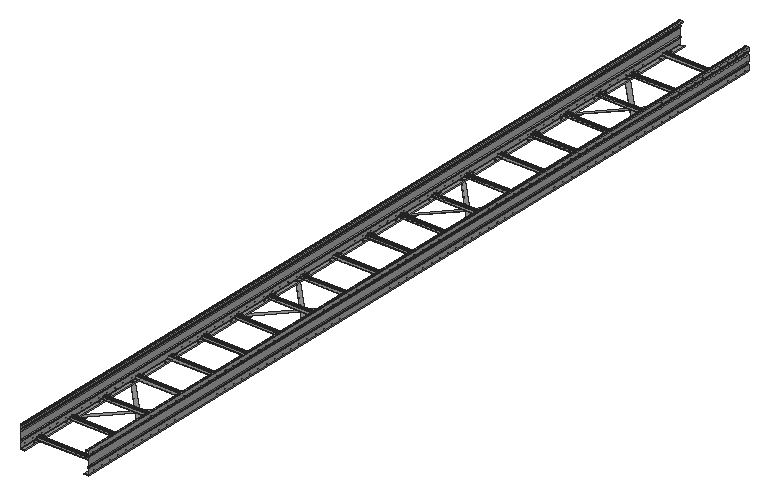
Revit family "Weitspannkabelleiter-WKLG 1650gelochter Seitenholm, FS,FT,FT SO,A4", category Generic Models, Revit 2017 (continued)
Automatic sketch dimensions
  Extrusion 286 sketch curve to Extrusion 286 sketch curve = 8 mm
  Extrusion 287 sketch curve to Extrusion 287 sketch curve = 0.5 mm  (x4)
  plane 144 to Extrusion 287 sketch curve = 0 mm
  Extrusion 287 sketch curve to Extrusion 287 sketch curve = 8 mm
  Extrusion 288 sketch curve to Extrusion 288 sketch curve = 0.5 mm  (x4)
  plane 145 to Extrusion 288 sketch curve = 0 mm
  Extrusion 288 sketch curve to Extrusion 288 sketch curve = 8 mm
  Extrusion 289 sketch curve to Extrusion 289 sketch curve = 0.5 mm  (x4)
  plane 146 to Extrusion 289 sketch curve = 0 mm
  Extrusion 289 sketch curve to Extrusion 289 sketch curve = 8 mm
  Extrusion 290 sketch curve to Extrusion 290 sketch curve = 0.5 mm  (x4)
  plane 147 to Extrusion 290 sketch curve = 0 mm
  Extrusion 290 sketch curve to Extrusion 290 sketch curve = 8 mm
  Extrusion 291 sketch curve to Extrusion 291 sketch curve = 0.5 mm  (x4)
  plane 148 to Extrusion 291 sketch curve = 0 mm
  Extrusion 291 sketch curve to Extrusion 291 sketch curve = 8 mm
  Extrusion 292 sketch curve to Extrusion 292 sketch curve = 0.5 mm  (x4)
  plane 149 to Extrusion 292 sketch curve = 0 mm
  Extrusion 292 sketch curve to Extrusion 292 sketch curve = 8 mm
  Extrusion 293 sketch curve to Extrusion 293 sketch curve = 0.5 mm  (x4)
  plane 150 to Extrusion 293 sketch curve = 0 mm
  Extrusion 293 sketch curve to Extrusion 293 sketch curve = 8 mm
  Extrusion 294 sketch curve to Extrusion 294 sketch curve = 0.5 mm  (x4)
  plane 151 to Extrusion 294 sketch curve = 0 mm
  Extrusion 294 sketch curve to Extrusion 294 sketch curve = 8 mm
  Extrusion 295 sketch curve to Extrusion 295 sketch curve = 0.5 mm  (x4)
  plane 152 to Extrusion 295 sketch curve = 0 mm
  Extrusion 295 sketch curve to Extrusion 295 sketch curve = 8 mm
  Extrusion 296 sketch curve to Extrusion 296 sketch curve = 0.5 mm  (x4)
  plane 153 to Extrusion 296 sketch curve = 0 mm
  Extrusion 296 sketch curve to Extrusion 296 sketch curve = 8 mm
  Extrusion 297 sketch curve to Extrusion 297 sketch curve = 0.5 mm  (x4)
  plane 154 to Extrusion 297 sketch curve = 0 mm
  Extrusion 297 sketch curve to Extrusion 297 sketch curve = 8 mm
  Extrusion 298 sketch curve to Extrusion 298 sketch curve = 0.5 mm  (x4)
  plane 155 to Extrusion 298 sketch curve = 0 mm
  Extrusion 298 sketch curve to Extrusion 298 sketch curve = 8 mm
  Extrusion 299 sketch curve to Extrusion 299 sketch curve = 0.5 mm  (x4)
  plane 156 to Extrusion 299 sketch curve = 0 mm
  Extrusion 299 sketch curve to Extrusion 299 sketch curve = 8 mm
  Extrusion 300 sketch curve to Extrusion 300 sketch curve = 0.5 mm  (x4)
  plane 157 to Extrusion 300 sketch curve = 0 mm
  Extrusion 300 sketch curve to Extrusion 300 sketch curve = 8 mm
  Extrusion 301 sketch curve to Extrusion 301 sketch curve = 0.5 mm  (x4)
  plane 158 to Extrusion 301 sketch curve = 0 mm
  Extrusion 301 sketch curve to Extrusion 301 sketch curve = 8 mm
  Extrusion 302 sketch curve to Extrusion 302 sketch curve = 0.5 mm  (x4)
  plane 159 to Extrusion 302 sketch curve = 0 mm
  Extrusion 302 sketch curve to Extrusion 302 sketch curve = 8 mm
  Extrusion 303 sketch curve to Extrusion 303 sketch curve = 0.5 mm  (x4)
  plane 160 to Extrusion 303 sketch curve = 0 mm
  Extrusion 303 sketch curve to Extrusion 303 sketch curve = 8 mm
  Extrusion 304 sketch curve to Extrusion 304 sketch curve = 0.5 mm  (x4)
  plane 161 to Extrusion 304 sketch curve = 0 mm
  Extrusion 304 sketch curve to Extrusion 304 sketch curve = 8 mm
  Extrusion 305 sketch curve to Extrusion 305 sketch curve = 0.5 mm  (x4)
  plane 162 to Extrusion 305 sketch curve = 0 mm
  Extrusion 305 sketch curve to Extrusion 305 sketch curve = 8 mm
  Extrusion 306 sketch curve to Extrusion 306 sketch curve = 0.5 mm  (x4)
  plane 163 to Extrusion 306 sketch curve = 0 mm
  Extrusion 306 sketch curve to Extrusion 306 sketch curve = 8 mm
  Extrusion 307 sketch curve to Extrusion 307 sketch curve = 0.5 mm  (x4)
  plane 164 to Extrusion 307 sketch curve = 0 mm
  Extrusion 307 sketch curve to Extrusion 307 sketch curve = 8 mm
  Extrusion 308 sketch curve to Extrusion 308 sketch curve = 0.5 mm  (x4)
  plane 165 to Extrusion 308 sketch curve = 0 mm
  Extrusion 308 sketch curve to Extrusion 308 sketch curve = 8 mm
  Extrusion 309 sketch curve to Extrusion 309 sketch curve = 0.5 mm  (x4)
  plane 166 to Extrusion 309 sketch curve = 0 mm
  Extrusion 309 sketch curve to Extrusion 309 sketch curve = 8 mm
  Extrusion 310 sketch curve to Extrusion 310 sketch curve = 0.5 mm  (x4)
  plane 167 to Extrusion 310 sketch curve = 0 mm
  Extrusion 310 sketch curve to Extrusion 310 sketch curve = 8 mm
  Extrusion 311 sketch curve to Extrusion 311 sketch curve = 0.5 mm  (x4)
  plane 168 to Extrusion 311 sketch curve = 0 mm
  Extrusion 311 sketch curve to Extrusion 311 sketch curve = 8 mm
  Extrusion 312 sketch curve to Extrusion 312 sketch curve = 0.5 mm  (x4)
  plane 169 to Extrusion 312 sketch curve = 0 mm
  Extrusion 312 sketch curve to Extrusion 312 sketch curve = 8 mm
  Extrusion 313 sketch curve to Extrusion 313 sketch curve = 0.5 mm  (x4)
  plane 170 to Extrusion 313 sketch curve = 0 mm
  Extrusion 313 sketch curve to Extrusion 313 sketch curve = 8 mm
  Extrusion 314 sketch curve to Extrusion 314 sketch curve = 0.5 mm  (x4)
  plane 171 to Extrusion 314 sketch curve = 0 mm
  Extrusion 314 sketch curve to Extrusion 314 sketch curve = 8 mm
  Extrusion 315 sketch curve to Extrusion 315 sketch curve = 0.5 mm  (x4)
  plane 172 to Extrusion 315 sketch curve = 0 mm
  Extrusion 315 sketch curve to Extrusion 315 sketch curve = 8 mm
  Extrusion 316 sketch curve to Extrusion 316 sketch curve = 0.5 mm  (x4)
  plane 173 to Extrusion 316 sketch curve = 0 mm
  Extrusion 316 sketch curve to Extrusion 316 sketch curve = 8 mm
  Extrusion 317 sketch curve to Extrusion 317 sketch curve = 0.5 mm  (x4)
  plane 174 to Extrusion 317 sketch curve = 0 mm
  Extrusion 317 sketch curve to Extrusion 317 sketch curve = 8 mm
  Extrusion 318 sketch curve to Extrusion 318 sketch curve = 0.5 mm  (x4)
  plane 175 to Extrusion 318 sketch curve = 0 mm
  Extrusion 318 sketch curve to Extrusion 318 sketch curve = 8 mm
  Extrusion 319 sketch curve to Extrusion 319 sketch curve = 0.5 mm  (x4)
  plane 176 to Extrusion 319 sketch curve = 0 mm
  Extrusion 319 sketch curve to Extrusion 319 sketch curve = 8 mm
  Extrusion 320 sketch curve to Extrusion 320 sketch curve = 0.5 mm  (x4)
  plane 177 to Extrusion 320 sketch curve = 0 mm
  Extrusion 320 sketch curve to Extrusion 320 sketch curve = 8 mm
  Extrusion 321 sketch curve to Extrusion 321 sketch curve = 0.5 mm  (x4)
  plane 178 to Extrusion 321 sketch curve = 0 mm
  Extrusion 321 sketch curve to Extrusion 321 sketch curve = 8 mm
  Extrusion 322 sketch curve to Extrusion 322 sketch curve = 1.214 mm  (x2)
  Extrusion 322 sketch curve to Extrusion 322 sketch curve = 1.854 mm  (x2)
  Extrusion 322 sketch curve to Extrusion 322 sketch curve = 1.5 mm  (x2)
  Extrusion 322 sketch curve to Extrusion 322 sketch curve = 4.035 mm
  Extrusion 322 sketch curve to Extrusion 322 sketch curve = 0.236 mm  (x2)
  Extrusion 322 sketch curve to Extrusion 322 sketch curve = 0.876 mm  (x2)
  Extrusion 322 sketch curve to Extrusion 322 sketch curve = 3.546 mm
  Extrusion 322 sketch curve to Extrusion 322 sketch curve = 0.209 mm
  Extrusion 322 sketch curve to Extrusion 322 sketch curve = 0.978 mm  (x2)
  Extrusion 322 sketch curve to Extrusion 322 sketch curve = 1.099 mm
  Extrusion 322 sketch curve to Extrusion 322 sketch curve = 16.549 mm
  Extrusion 323 sketch curve to plane 187 = 2.5 mm
  Extrusion 324 sketch curve to plane 189 = 2.5 mm
  Extrusion 325 sketch curve to plane 190 = 2.5 mm
  Extrusion 326 sketch curve to plane 191 = 2.5 mm
  Extrusion 327 sketch curve to plane 192 = 2.5 mm
  Extrusion 328 sketch curve to plane 193 = 2.5 mm
  Extrusion 329 sketch curve to plane 194 = 2.5 mm
  Extrusion 330 sketch curve to plane 195 = 2.5 mm
  Extrusion 331 sketch curve to plane 196 = 2.5 mm
  Extrusion 332 sketch curve to plane 197 = 2.5 mm
  Extrusion 333 sketch curve to plane 198 = 2.5 mm
  Extrusion 334 sketch curve to plane 199 = 2.5 mm
  Extrusion 335 sketch curve to plane 200 = 2.5 mm
  Extrusion 336 sketch curve to plane 201 = 2.5 mm
  Extrusion 337 sketch curve to plane 202 = 2.5 mm
  Extrusion 338 sketch curve to plane 203 = 2.5 mm
  Extrusion 339 sketch curve to plane 204 = 2.5 mm
  Extrusion 340 sketch curve to plane 205 = 2.5 mm
  Extrusion 341 sketch curve to plane 206 = 2.5 mm
  Extrusion 342 sketch curve to plane 207 = 2.5 mm
  plane 210 to Extrusion 343 sketch curve = 2.5 mm
  plane 211 to Extrusion 344 sketch curve = 2.5 mm
  plane 212 to Extrusion 345 sketch curve = 2.5 mm
  plane 213 to Extrusion 346 sketch curve = 2.5 mm
  plane 214 to Extrusion 347 sketch curve = 2.5 mm
  plane 215 to Extrusion 348 sketch curve = 2.5 mm
  plane 216 to Extrusion 349 sketch curve = 2.5 mm
  plane 217 to Extrusion 350 sketch curve = 2.5 mm
  plane 218 to Extrusion 351 sketch curve = 2.5 mm
  plane 219 to Extrusion 352 sketch curve = 2.5 mm
  plane 220 to Extrusion 353 sketch curve = 2.5 mm
  plane 221 to Extrusion 354 sketch curve = 2.5 mm
  plane 222 to Extrusion 355 sketch curve = 2.5 mm
  plane 223 to Extrusion 356 sketch curve = 2.5 mm
  plane 224 to Extrusion 357 sketch curve = 2.5 mm
  plane 225 to Extrusion 358 sketch curve = 2.5 mm
  plane 226 to Extrusion 359 sketch curve = 2.5 mm
  plane 227 to Extrusion 360 sketch curve = 2.5 mm
  plane 228 to Extrusion 361 sketch curve = 2.5 mm
  plane 229 to Extrusion 362 sketch curve = 2.5 mm
  Extrusion 363 sketch curve to plane 231 = 2.5 mm
  Extrusion 364 sketch curve to plane 232 = 2.5 mm
  Extrusion 365 sketch curve to plane 233 = 2.5 mm
  Extrusion 366 sketch curve to plane 234 = 2.5 mm
  Extrusion 367 sketch curve to plane 235 = 2.5 mm
  Extrusion 368 sketch curve to plane 236 = 2.5 mm
  Extrusion 369 sketch curve to plane 237 = 2.5 mm
  Extrusion 370 sketch curve to plane 238 = 2.5 mm
  Extrusion 371 sketch curve to plane 239 = 2.5 mm
  Extrusion 372 sketch curve to plane 240 = 2.5 mm
  Extrusion 373 sketch curve to plane 241 = 2.5 mm
  Extrusion 374 sketch curve to plane 242 = 2.5 mm
  Extrusion 375 sketch curve to plane 243 = 2.5 mm
  Extrusion 376 sketch curve to plane 244 = 2.5 mm
  Extrusion 377 sketch curve to plane 245 = 2.5 mm
  Extrusion 378 sketch curve to plane 246 = 2.5 mm
  Extrusion 379 sketch curve to plane 247 = 2.5 mm
  Extrusion 380 sketch curve to plane 248 = 2.5 mm
  Extrusion 381 sketch curve to plane 249 = 2.5 mm
  Extrusion 382 sketch curve to plane 250 = 2.5 mm
  plane 253 to Extrusion 383 sketch curve = 2.5 mm
  plane 254 to Extrusion 384 sketch curve = 2.5 mm
  plane 255 to Extrusion 385 sketch curve = 2.5 mm
  plane 256 to Extrusion 386 sketch curve = 2.5 mm
  plane 257 to Extrusion 387 sketch curve = 2.5 mm
  plane 258 to Extrusion 388 sketch curve = 2.5 mm
  plane 259 to Extrusion 389 sketch curve = 2.5 mm
  plane 260 to Extrusion 390 sketch curve = 2.5 mm
  plane 261 to Extrusion 391 sketch curve = 2.5 mm
  plane 262 to Extrusion 392 sketch curve = 2.5 mm
  plane 263 to Extrusion 393 sketch curve = 2.5 mm
  plane 264 to Extrusion 394 sketch curve = 2.5 mm
  plane 265 to Extrusion 395 sketch curve = 2.5 mm
  plane 266 to Extrusion 396 sketch curve = 2.5 mm
  plane 267 to Extrusion 397 sketch curve = 2.5 mm
  plane 268 to Extrusion 398 sketch curve = 2.5 mm
  plane 269 to Extrusion 399 sketch curve = 2.5 mm
  plane 270 to Extrusion 400 sketch curve = 2.5 mm
  plane 271 to Extrusion 401 sketch curve = 2.5 mm
  plane 272 to Extrusion 402 sketch curve = 2.5 mm
  Extrusion 403 sketch curve to plane 274 = 0 mm
  Extrusion 403 sketch curve to plane 276 = 0 mm
  Extrusion 403 sketch curve to plane 275 = 0 mm
  plane 279 to Extrusion 403 sketch curve = 2.75 mm
  Extrusion 403 sketch curve to Extrusion 403 sketch curve = 0 mm  (x3)
  Extrusion 404 sketch curve to Extrusion 404 sketch curve = 1.214 mm  (x2)
  Extrusion 404 sketch curve to Extrusion 404 sketch curve = 1.854 mm  (x2)
  Extrusion 404 sketch curve to Extrusion 404 sketch curve = 1.5 mm  (x2)
  Extrusion 404 sketch curve to Extrusion 404 sketch curve = 4.035 mm
  Extrusion 404 sketch curve to Extrusion 404 sketch curve = 0.236 mm  (x2)
  Extrusion 404 sketch curve to Extrusion 404 sketch curve = 0.876 mm  (x2)
  Extrusion 404 sketch curve to Extrusion 404 sketch curve = 3.546 mm
  Extrusion 404 sketch curve to Extrusion 404 sketch curve = 0.209 mm
  Extrusion 404 sketch curve to Extrusion 404 sketch curve = 0.978 mm  (x2)
  Extrusion 404 sketch curve to Extrusion 404 sketch curve = 1.099 mm
  Extrusion 404 sketch curve to Extrusion 404 sketch curve = 16.549 mm
  Extrusion 405 sketch curve to Extrusion 405 sketch curve = 1.214 mm  (x2)
  Extrusion 405 sketch curve to Extrusion 405 sketch curve = 1.854 mm  (x2)
  Extrusion 405 sketch curve to Extrusion 405 sketch curve = 1.5 mm  (x2)
  Extrusion 405 sketch curve to Extrusion 405 sketch curve = 4.035 mm
  Extrusion 405 sketch curve to Extrusion 405 sketch curve = 0.236 mm  (x2)
  Extrusion 405 sketch curve to Extrusion 405 sketch curve = 0.876 mm  (x2)
  Extrusion 405 sketch curve to Extrusion 405 sketch curve = 3.546 mm
  Extrusion 405 sketch curve to Extrusion 405 sketch curve = 0.209 mm
  Extrusion 405 sketch curve to Extrusion 405 sketch curve = 0.978 mm  (x2)
  Extrusion 405 sketch curve to Extrusion 405 sketch curve = 1.099 mm
  Extrusion 405 sketch curve to Extrusion 405 sketch curve = 16.549 mm
  Extrusion 406 sketch curve to plane 281 = 0 mm
  Extrusion 406 sketch curve to plane 283 = 0 mm
  Extrusion 406 sketch curve to plane 282 = 0 mm
  plane 286 to Extrusion 406 sketch curve = 2.75 mm
  Extrusion 406 sketch curve to Extrusion 406 sketch curve = 0 mm  (x3)
  Extrusion 407 sketch curve to Extrusion 407 sketch curve = 1.214 mm  (x2)
  Extrusion 407 sketch curve to Extrusion 407 sketch curve = 1.854 mm  (x2)
  Extrusion 407 sketch curve to Extrusion 407 sketch curve = 1.5 mm  (x2)
  Extrusion 407 sketch curve to Extrusion 407 sketch curve = 4.035 mm
  Extrusion 407 sketch curve to Extrusion 407 sketch curve = 0.236 mm  (x2)
  Extrusion 407 sketch curve to Extrusion 407 sketch curve = 0.876 mm  (x2)
  Extrusion 407 sketch curve to Extrusion 407 sketch curve = 3.546 mm
  Extrusion 407 sketch curve to Extrusion 407 sketch curve = 0.209 mm
  Extrusion 407 sketch curve to Extrusion 407 sketch curve = 0.978 mm  (x2)
  Extrusion 407 sketch curve to Extrusion 407 sketch curve = 1.099 mm
  Extrusion 407 sketch curve to Extrusion 407 sketch curve = 16.549 mm
  Extrusion 408 sketch curve to plane 288 = 0 mm
  Extrusion 408 sketch curve to plane 290 = 0 mm
  Extrusion 408 sketch curve to plane 289 = 0 mm
  plane 293 to Extrusion 408 sketch curve = 2.75 mm
  Extrusion 408 sketch curve to Extrusion 408 sketch curve = 0 mm  (x3)
  Extrusion 409 sketch curve to Extrusion 409 sketch curve = 1.214 mm  (x2)
  Extrusion 409 sketch curve to Extrusion 409 sketch curve = 1.854 mm  (x2)
  Extrusion 409 sketch curve to Extrusion 409 sketch curve = 1.5 mm  (x2)
  Extrusion 409 sketch curve to Extrusion 409 sketch curve = 4.035 mm
  Extrusion 409 sketch curve to Extrusion 409 sketch curve = 0.236 mm  (x2)
  Extrusion 409 sketch curve to Extrusion 409 sketch curve = 0.876 mm  (x2)
  Extrusion 409 sketch curve to Extrusion 409 sketch curve = 3.546 mm
  Extrusion 409 sketch curve to Extrusion 409 sketch curve = 0.209 mm
  Extrusion 409 sketch curve to Extrusion 409 sketch curve = 0.978 mm  (x2)
  Extrusion 409 sketch curve to Extrusion 409 sketch curve = 1.099 mm
  Extrusion 409 sketch curve to Extrusion 409 sketch curve = 16.549 mm
  Extrusion 410 sketch curve to plane 295 = 0 mm
  Extrusion 410 sketch curve to plane 297 = 0 mm
  Extrusion 410 sketch curve to plane 296 = 0 mm
  plane 300 to Extrusion 410 sketch curve = 2.75 mm
  Extrusion 410 sketch curve to Extrusion 410 sketch curve = 0 mm  (x3)
  Extrusion 411 sketch curve to Extrusion 411 sketch curve = 1.214 mm  (x2)
  Extrusion 411 sketch curve to Extrusion 411 sketch curve = 1.854 mm  (x2)
  Extrusion 411 sketch curve to Extrusion 411 sketch curve = 1.5 mm  (x2)
  Extrusion 411 sketch curve to Extrusion 411 sketch curve = 4.035 mm
  Extrusion 411 sketch curve to Extrusion 411 sketch curve = 0.236 mm  (x2)
  Extrusion 411 sketch curve to Extrusion 411 sketch curve = 0.876 mm  (x2)
  Extrusion 411 sketch curve to Extrusion 411 sketch curve = 3.546 mm
  Extrusion 411 sketch curve to Extrusion 411 sketch curve = 0.209 mm
  Extrusion 411 sketch curve to Extrusion 411 sketch curve = 0.978 mm  (x2)
  Extrusion 411 sketch curve to Extrusion 411 sketch curve = 1.099 mm
  Extrusion 411 sketch curve to Extrusion 411 sketch curve = 16.549 mm
  Extrusion 412 sketch curve to plane 302 = 0 mm
  Extrusion 412 sketch curve to plane 304 = 0 mm
  Extrusion 412 sketch curve to plane 303 = 0 mm
  plane 307 to Extrusion 412 sketch curve = 2.75 mm
  Extrusion 412 sketch curve to Extrusion 412 sketch curve = 0 mm  (x3)
  Extrusion 413 sketch curve to Extrusion 413 sketch curve = 1.214 mm  (x2)
  Extrusion 413 sketch curve to Extrusion 413 sketch curve = 1.854 mm  (x2)
  Extrusion 413 sketch curve to Extrusion 413 sketch curve = 1.5 mm  (x2)
  Extrusion 413 sketch curve to Extrusion 413 sketch curve = 4.035 mm
  Extrusion 413 sketch curve to Extrusion 413 sketch curve = 0.236 mm  (x2)
  Extrusion 413 sketch curve to Extrusion 413 sketch curve = 0.876 mm  (x2)
  Extrusion 413 sketch curve to Extrusion 413 sketch curve = 3.546 mm
  Extrusion 413 sketch curve to Extrusion 413 sketch curve = 0.209 mm
  Extrusion 413 sketch curve to Extrusion 413 sketch curve = 0.978 mm  (x2)
  Extrusion 413 sketch curve to Extrusion 413 sketch curve = 1.099 mm
  Extrusion 413 sketch curve to Extrusion 413 sketch curve = 16.549 mm
  Extrusion 414 sketch curve to plane 309 = 0 mm
  Extrusion 414 sketch curve to plane 311 = 0 mm
  Extrusion 414 sketch curve to plane 310 = 0 mm
  plane 314 to Extrusion 414 sketch curve = 2.75 mm
  Extrusion 414 sketch curve to Extrusion 414 sketch curve = 0 mm  (x3)
  Extrusion 415 sketch curve to Extrusion 415 sketch curve = 1.214 mm  (x2)
  Extrusion 415 sketch curve to Extrusion 415 sketch curve = 1.854 mm  (x2)
  Extrusion 415 sketch curve to Extrusion 415 sketch curve = 1.5 mm  (x2)
  Extrusion 415 sketch curve to Extrusion 415 sketch curve = 4.035 mm
  Extrusion 415 sketch curve to Extrusion 415 sketch curve = 0.236 mm  (x2)
  Extrusion 415 sketch curve to Extrusion 415 sketch curve = 0.876 mm  (x2)
  Extrusion 415 sketch curve to Extrusion 415 sketch curve = 3.546 mm
  Extrusion 415 sketch curve to Extrusion 415 sketch curve = 0.209 mm
  Extrusion 415 sketch curve to Extrusion 415 sketch curve = 0.978 mm  (x2)
  Extrusion 415 sketch curve to Extrusion 415 sketch curve = 1.099 mm
  Extrusion 415 sketch curve to Extrusion 415 sketch curve = 16.549 mm
  Extrusion 416 sketch curve to plane 316 = 0 mm
  Extrusion 416 sketch curve to plane 318 = 0 mm
  Extrusion 416 sketch curve to plane 317 = 0 mm
  plane 321 to Extrusion 416 sketch curve = 2.75 mm
  Extrusion 416 sketch curve to Extrusion 416 sketch curve = 0 mm  (x3)
  Extrusion 417 sketch curve to Extrusion 417 sketch curve = 1.214 mm  (x2)
  Extrusion 417 sketch curve to Extrusion 417 sketch curve = 1.854 mm  (x2)
  Extrusion 417 sketch curve to Extrusion 417 sketch curve = 1.5 mm  (x2)
  Extrusion 417 sketch curve to Extrusion 417 sketch curve = 4.035 mm
  Extrusion 417 sketch curve to Extrusion 417 sketch curve = 0.236 mm  (x2)
  Extrusion 417 sketch curve to Extrusion 417 sketch curve = 0.876 mm  (x2)
  Extrusion 417 sketch curve to Extrusion 417 sketch curve = 3.546 mm
  Extrusion 417 sketch curve to Extrusion 417 sketch curve = 0.209 mm
  Extrusion 417 sketch curve to Extrusion 417 sketch curve = 0.978 mm  (x2)
  Extrusion 417 sketch curve to Extrusion 417 sketch curve = 1.099 mm
  Extrusion 417 sketch curve to Extrusion 417 sketch curve = 16.549 mm
  Extrusion 418 sketch curve to plane 323 = 0 mm
  Extrusion 418 sketch curve to plane 325 = 0 mm
  Extrusion 418 sketch curve to plane 324 = 0 mm
  plane 328 to Extrusion 418 sketch curve = 2.75 mm
  Extrusion 418 sketch curve to Extrusion 418 sketch curve = 0 mm  (x3)
  Extrusion 419 sketch curve to Extrusion 419 sketch curve = 1.214 mm  (x2)
  Extrusion 419 sketch curve to Extrusion 419 sketch curve = 1.854 mm  (x2)
  Extrusion 419 sketch curve to Extrusion 419 sketch curve = 1.5 mm  (x2)
  Extrusion 419 sketch curve to Extrusion 419 sketch curve = 4.035 mm
  Extrusion 419 sketch curve to Extrusion 419 sketch curve = 0.236 mm  (x2)
  Extrusion 419 sketch curve to Extrusion 419 sketch curve = 0.876 mm  (x2)
  Extrusion 419 sketch curve to Extrusion 419 sketch curve = 3.546 mm
  Extrusion 419 sketch curve to Extrusion 419 sketch curve = 0.209 mm
  Extrusion 419 sketch curve to Extrusion 419 sketch curve = 0.978 mm  (x2)
  Extrusion 419 sketch curve to Extrusion 419 sketch curve = 1.099 mm
  Extrusion 419 sketch curve to Extrusion 419 sketch curve = 16.549 mm
  Extrusion 420 sketch curve to plane 330 = 0 mm
  Extrusion 420 sketch curve to plane 332 = 0 mm
  Extrusion 420 sketch curve to plane 331 = 0 mm
  plane 335 to Extrusion 420 sketch curve = 2.75 mm
  Extrusion 420 sketch curve to Extrusion 420 sketch curve = 0 mm  (x3)
  Extrusion 421 sketch curve to Extrusion 421 sketch curve = 1.214 mm  (x2)
  Extrusion 421 sketch curve to Extrusion 421 sketch curve = 1.854 mm  (x2)
  Extrusion 421 sketch curve to Extrusion 421 sketch curve = 1.5 mm  (x2)
  Extrusion 421 sketch curve to Extrusion 421 sketch curve = 4.035 mm
  Extrusion 421 sketch curve to Extrusion 421 sketch curve = 0.236 mm  (x2)
  Extrusion 421 sketch curve to Extrusion 421 sketch curve = 0.876 mm  (x2)
  Extrusion 421 sketch curve to Extrusion 421 sketch curve = 3.546 mm
  Extrusion 421 sketch curve to Extrusion 421 sketch curve = 0.209 mm
  Extrusion 421 sketch curve to Extrusion 421 sketch curve = 0.978 mm  (x2)
  Extrusion 421 sketch curve to Extrusion 421 sketch curve = 1.099 mm
  Extrusion 421 sketch curve to Extrusion 421 sketch curve = 16.549 mm
  Extrusion 422 sketch curve to plane 337 = 0 mm
  Extrusion 422 sketch curve to plane 339 = 0 mm
  Extrusion 422 sketch curve to plane 338 = 0 mm
  plane 342 to Extrusion 422 sketch curve = 2.75 mm
  Extrusion 422 sketch curve to Extrusion 422 sketch curve = 0 mm  (x3)
  Extrusion 423 sketch curve to Extrusion 423 sketch curve = 1.214 mm  (x2)
  Extrusion 423 sketch curve to Extrusion 423 sketch curve = 1.854 mm  (x2)
  Extrusion 423 sketch curve to Extrusion 423 sketch curve = 1.5 mm  (x2)
  Extrusion 423 sketch curve to Extrusion 423 sketch curve = 4.035 mm
  Extrusion 423 sketch curve to Extrusion 423 sketch curve = 0.236 mm  (x2)
  Extrusion 423 sketch curve to Extrusion 423 sketch curve = 0.876 mm  (x2)
  Extrusion 423 sketch curve to Extrusion 423 sketch curve = 3.546 mm
  Extrusion 423 sketch curve to Extrusion 423 sketch curve = 0.209 mm
  Extrusion 423 sketch curve to Extrusion 423 sketch curve = 0.978 mm  (x2)
  Extrusion 423 sketch curve to Extrusion 423 sketch curve = 1.099 mm
  Extrusion 423 sketch curve to Extrusion 423 sketch curve = 16.549 mm
  Extrusion 424 sketch curve to plane 344 = 0 mm
  Extrusion 424 sketch curve to plane 346 = 0 mm
  Extrusion 424 sketch curve to plane 345 = 0 mm
  plane 349 to Extrusion 424 sketch curve = 2.75 mm
  Extrusion 424 sketch curve to Extrusion 424 sketch curve = 0 mm  (x3)
  Extrusion 425 sketch curve to Extrusion 425 sketch curve = 1.214 mm  (x2)
  Extrusion 425 sketch curve to Extrusion 425 sketch curve = 1.854 mm  (x2)
  Extrusion 425 sketch curve to Extrusion 425 sketch curve = 1.5 mm  (x2)
  Extrusion 425 sketch curve to Extrusion 425 sketch curve = 4.035 mm
  Extrusion 425 sketch curve to Extrusion 425 sketch curve = 0.236 mm  (x2)
  Extrusion 425 sketch curve to Extrusion 425 sketch curve = 0.876 mm  (x2)
  Extrusion 425 sketch curve to Extrusion 425 sketch curve = 3.546 mm
  Extrusion 425 sketch curve to Extrusion 425 sketch curve = 0.209 mm
  Extrusion 425 sketch curve to Extrusion 425 sketch curve = 0.978 mm  (x2)
  Extrusion 425 sketch curve to Extrusion 425 sketch curve = 1.099 mm
  Extrusion 425 sketch curve to Extrusion 425 sketch curve = 16.549 mm
  Extrusion 426 sketch curve to plane 351 = 0 mm
  Extrusion 426 sketch curve to plane 353 = 0 mm
  Extrusion 426 sketch curve to plane 352 = 0 mm
  plane 356 to Extrusion 426 sketch curve = 2.75 mm
  Extrusion 426 sketch curve to Extrusion 426 sketch curve = 0 mm  (x3)
  Extrusion 427 sketch curve to Extrusion 427 sketch curve = 1.214 mm  (x2)
  Extrusion 427 sketch curve to Extrusion 427 sketch curve = 1.854 mm  (x2)
  Extrusion 427 sketch curve to Extrusion 427 sketch curve = 1.5 mm  (x2)
  Extrusion 427 sketch curve to Extrusion 427 sketch curve = 4.035 mm
  Extrusion 427 sketch curve to Extrusion 427 sketch curve = 0.236 mm  (x2)
  Extrusion 427 sketch curve to Extrusion 427 sketch curve = 0.876 mm  (x2)
  Extrusion 427 sketch curve to Extrusion 427 sketch curve = 3.546 mm
  Extrusion 427 sketch curve to Extrusion 427 sketch curve = 0.209 mm
  Extrusion 427 sketch curve to Extrusion 427 sketch curve = 0.978 mm  (x2)
  Extrusion 427 sketch curve to Extrusion 427 sketch curve = 1.099 mm
  Extrusion 427 sketch curve to Extrusion 427 sketch curve = 16.549 mm
  Extrusion 428 sketch curve to plane 358 = 0 mm
  Extrusion 428 sketch curve to plane 360 = 0 mm
  Extrusion 428 sketch curve to plane 359 = 0 mm
  plane 363 to Extrusion 428 sketch curve = 2.75 mm
  Extrusion 428 sketch curve to Extrusion 428 sketch curve = 0 mm  (x3)
  Extrusion 429 sketch curve to Extrusion 429 sketch curve = 1.214 mm  (x2)
  Extrusion 429 sketch curve to Extrusion 429 sketch curve = 1.854 mm  (x2)
  Extrusion 429 sketch curve to Extrusion 429 sketch curve = 1.5 mm  (x2)
  Extrusion 429 sketch curve to Extrusion 429 sketch curve = 4.035 mm
  Extrusion 429 sketch curve to Extrusion 429 sketch curve = 0.236 mm  (x2)
  Extrusion 429 sketch curve to Extrusion 429 sketch curve = 0.876 mm  (x2)
  Extrusion 429 sketch curve to Extrusion 429 sketch curve = 3.546 mm
  Extrusion 429 sketch curve to Extrusion 429 sketch curve = 0.209 mm
  Extrusion 429 sketch curve to Extrusion 429 sketch curve = 0.978 mm  (x2)
  Extrusion 429 sketch curve to Extrusion 429 sketch curve = 1.099 mm
  Extrusion 429 sketch curve to Extrusion 429 sketch curve = 16.549 mm
  Extrusion 430 sketch curve to plane 365 = 0 mm
  Extrusion 430 sketch curve to plane 367 = 0 mm
  Extrusion 430 sketch curve to plane 366 = 0 mm
  plane 370 to Extrusion 430 sketch curve = 2.75 mm
  Extrusion 430 sketch curve to Extrusion 430 sketch curve = 0 mm  (x3)
  Extrusion 431 sketch curve to Extrusion 431 sketch curve = 1.214 mm  (x2)
  Extrusion 431 sketch curve to Extrusion 431 sketch curve = 1.854 mm  (x2)
  Extrusion 431 sketch curve to Extrusion 431 sketch curve = 1.5 mm  (x2)
  Extrusion 431 sketch curve to Extrusion 431 sketch curve = 4.035 mm
  Extrusion 431 sketch curve to Extrusion 431 sketch curve = 0.236 mm  (x2)
  Extrusion 431 sketch curve to Extrusion 431 sketch curve = 0.876 mm  (x2)
  Extrusion 431 sketch curve to Extrusion 431 sketch curve = 3.546 mm
  Extrusion 431 sketch curve to Extrusion 431 sketch curve = 0.209 mm
  Extrusion 431 sketch curve to Extrusion 431 sketch curve = 0.978 mm  (x2)
  Extrusion 431 sketch curve to Extrusion 431 sketch curve = 1.099 mm
  Extrusion 431 sketch curve to Extrusion 431 sketch curve = 16.549 mm
  Extrusion 432 sketch curve to plane 372 = 0 mm
  Extrusion 432 sketch curve to plane 374 = 0 mm
  Extrusion 432 sketch curve to plane 373 = 0 mm
  plane 377 to Extrusion 432 sketch curve = 2.75 mm
  Extrusion 432 sketch curve to Extrusion 432 sketch curve = 0 mm  (x3)
  Extrusion 433 sketch curve to Extrusion 433 sketch curve = 1.214 mm  (x2)
  Extrusion 433 sketch curve to Extrusion 433 sketch curve = 1.854 mm  (x2)
  Extrusion 433 sketch curve to Extrusion 433 sketch curve = 1.5 mm  (x2)
  Extrusion 433 sketch curve to Extrusion 433 sketch curve = 4.035 mm
  Extrusion 433 sketch curve to Extrusion 433 sketch curve = 0.236 mm  (x2)
  Extrusion 433 sketch curve to Extrusion 433 sketch curve = 0.876 mm  (x2)
  Extrusion 433 sketch curve to Extrusion 433 sketch curve = 3.546 mm
  Extrusion 433 sketch curve to Extrusion 433 sketch curve = 0.209 mm
  Extrusion 433 sketch curve to Extrusion 433 sketch curve = 0.978 mm  (x2)
  Extrusion 433 sketch curve to Extrusion 433 sketch curve = 1.099 mm
  Extrusion 433 sketch curve to Extrusion 433 sketch curve = 16.549 mm
  Extrusion 434 sketch curve to plane 379 = 0 mm
  Extrusion 434 sketch curve to plane 381 = 0 mm
  Extrusion 434 sketch curve to plane 380 = 0 mm
  plane 384 to Extrusion 434 sketch curve = 2.75 mm
  Extrusion 434 sketch curve to Extrusion 434 sketch curve = 0 mm  (x3)
  Extrusion 435 sketch curve to Extrusion 435 sketch curve = 1.214 mm  (x2)
  Extrusion 435 sketch curve to Extrusion 435 sketch curve = 1.854 mm  (x2)
  Extrusion 435 sketch curve to Extrusion 435 sketch curve = 1.5 mm  (x2)
  Extrusion 435 sketch curve to Extrusion 435 sketch curve = 4.035 mm
  Extrusion 435 sketch curve to Extrusion 435 sketch curve = 0.236 mm  (x2)
  Extrusion 435 sketch curve to Extrusion 435 sketch curve = 0.876 mm  (x2)
  Extrusion 435 sketch curve to Extrusion 435 sketch curve = 3.546 mm
  Extrusion 435 sketch curve to Extrusion 435 sketch curve = 0.209 mm
  Extrusion 435 sketch curve to Extrusion 435 sketch curve = 0.978 mm  (x2)
  Extrusion 435 sketch curve to Extrusion 435 sketch curve = 1.099 mm
  Extrusion 435 sketch curve to Extrusion 435 sketch curve = 16.549 mm
  Extrusion 436 sketch curve to plane 386 = 0 mm
  Extrusion 436 sketch curve to plane 388 = 0 mm
  Extrusion 436 sketch curve to plane 387 = 0 mm
  plane 391 to Extrusion 436 sketch curve = 2.75 mm
  Extrusion 436 sketch curve to Extrusion 436 sketch curve = 0 mm  (x3)
  Extrusion 437 sketch curve to Extrusion 437 sketch curve = 1.214 mm  (x2)
  Extrusion 437 sketch curve to Extrusion 437 sketch curve = 1.854 mm  (x2)
  Extrusion 437 sketch curve to Extrusion 437 sketch curve = 1.5 mm  (x2)
  Extrusion 437 sketch curve to Extrusion 437 sketch curve = 4.035 mm
  Extrusion 437 sketch curve to Extrusion 437 sketch curve = 0.236 mm  (x2)
  Extrusion 437 sketch curve to Extrusion 437 sketch curve = 0.876 mm  (x2)
  Extrusion 437 sketch curve to Extrusion 437 sketch curve = 3.546 mm
  Extrusion 437 sketch curve to Extrusion 437 sketch curve = 0.209 mm
  Extrusion 437 sketch curve to Extrusion 437 sketch curve = 0.978 mm  (x2)
  Extrusion 437 sketch curve to Extrusion 437 sketch curve = 1.099 mm
  Extrusion 437 sketch curve to Extrusion 437 sketch curve = 16.549 mm
  Extrusion 438 sketch curve to plane 393 = 0 mm
  Extrusion 438 sketch curve to plane 395 = 0 mm
  Extrusion 438 sketch curve to plane 394 = 0 mm
  plane 398 to Extrusion 438 sketch curve = 2.75 mm
  Extrusion 438 sketch curve to Extrusion 438 sketch curve = 0 mm  (x3)
  Extrusion 439 sketch curve to Extrusion 439 sketch curve = 1.214 mm  (x2)
  Extrusion 439 sketch curve to Extrusion 439 sketch curve = 1.854 mm  (x2)
  Extrusion 439 sketch curve to Extrusion 439 sketch curve = 1.5 mm  (x2)
  Extrusion 439 sketch curve to Extrusion 439 sketch curve = 4.035 mm
  Extrusion 439 sketch curve to Extrusion 439 sketch curve = 0.236 mm  (x2)
  Extrusion 439 sketch curve to Extrusion 439 sketch curve = 0.876 mm  (x2)
  Extrusion 439 sketch curve to Extrusion 439 sketch curve = 3.546 mm
  Extrusion 439 sketch curve to Extrusion 439 sketch curve = 0.209 mm
  Extrusion 439 sketch curve to Extrusion 439 sketch curve = 0.978 mm  (x2)
  Extrusion 439 sketch curve to Extrusion 439 sketch curve = 1.099 mm
  Extrusion 439 sketch curve to Extrusion 439 sketch curve = 16.549 mm
  Extrusion 440 sketch curve to plane 400 = 0 mm
  Extrusion 440 sketch curve to plane 402 = 0 mm
  Extrusion 440 sketch curve to plane 401 = 0 mm
  plane 405 to Extrusion 440 sketch curve = 2.75 mm
  Extrusion 440 sketch curve to Extrusion 440 sketch curve = 0 mm  (x3)
  Extrusion 441 sketch curve to Extrusion 441 sketch curve = 1.214 mm  (x2)
  Extrusion 441 sketch curve to Extrusion 441 sketch curve = 1.854 mm  (x2)
  Extrusion 441 sketch curve to Extrusion 441 sketch curve = 1.5 mm  (x2)
  Extrusion 441 sketch curve to Extrusion 441 sketch curve = 4.035 mm
  Extrusion 441 sketch curve to Extrusion 441 sketch curve = 0.236 mm  (x2)
  Extrusion 441 sketch curve to Extrusion 441 sketch curve = 0.876 mm  (x2)
  Extrusion 441 sketch curve to Extrusion 441 sketch curve = 3.546 mm
  Extrusion 441 sketch curve to Extrusion 441 sketch curve = 0.209 mm
  Extrusion 441 sketch curve to Extrusion 441 sketch curve = 0.978 mm  (x2)
  Extrusion 441 sketch curve to Extrusion 441 sketch curve = 1.099 mm
  Extrusion 441 sketch curve to Extrusion 441 sketch curve = 16.549 mm
  Extrusion 442 sketch curve to plane 407 = 0 mm
  Extrusion 442 sketch curve to plane 409 = 0 mm
  Extrusion 442 sketch curve to plane 408 = 0 mm
  plane 412 to Extrusion 442 sketch curve = 2.75 mm
  Extrusion 442 sketch curve to Extrusion 442 sketch curve = 0 mm  (x3)
  Extrusion 443 sketch curve to Extrusion 443 sketch curve = 17.7 mm  (x2)
  Extrusion 444 sketch curve to Extrusion 444 sketch curve = 19.295 mm
  Extrusion 444 sketch curve to Extrusion 444 sketch curve = 25.602 mm
  Extrusion 443 sketch curve to Extrusion 443 sketch curve = 11.352 mm
  Extrusion 443 sketch curve to Extrusion 443 sketch curve = 461.48 mm
  Extrusion 444 sketch curve to Extrusion 444 sketch curve = 16.19 mm
  Extrusion 444 sketch curve to Extrusion 444 sketch curve = 473.051 mm
  Extrusion 444 sketch curve to Extrusion 444 sketch curve = 10.309 mm
  Extrusion 444 sketch curve to Extrusion 444 sketch curve = 481.682 mm
  Extrusion 445 sketch curve to Extrusion 445 sketch curve = 17.7 mm  (x2)
  Extrusion 446 sketch curve to Extrusion 446 sketch curve = 19.295 mm
  Extrusion 446 sketch curve to Extrusion 446 sketch curve = 25.602 mm
  Extrusion 445 sketch curve to Extrusion 445 sketch curve = 11.352 mm
  Extrusion 445 sketch curve to Extrusion 445 sketch curve = 461.48 mm
  Extrusion 446 sketch curve to Extrusion 446 sketch curve = 16.19 mm
  Extrusion 446 sketch curve to Extrusion 446 sketch curve = 473.051 mm
  Extrusion 446 sketch curve to Extrusion 446 sketch curve = 10.309 mm
  Extrusion 446 sketch curve to Extrusion 446 sketch curve = 481.682 mm
  Extrusion 447 sketch curve to Extrusion 447 sketch curve = 17.7 mm  (x2)
  Extrusion 448 sketch curve to Extrusion 448 sketch curve = 19.295 mm
  Extrusion 448 sketch curve to Extrusion 448 sketch curve = 25.602 mm
  Extrusion 447 sketch curve to Extrusion 447 sketch curve = 11.352 mm
  Extrusion 447 sketch curve to Extrusion 447 sketch curve = 461.48 mm
  Extrusion 448 sketch curve to Extrusion 448 sketch curve = 16.19 mm
  Extrusion 448 sketch curve to Extrusion 448 sketch curve = 473.051 mm
  Extrusion 448 sketch curve to Extrusion 448 sketch curve = 10.309 mm
  Extrusion 448 sketch curve to Extrusion 448 sketch curve = 481.682 mm
  Extrusion 449 sketch curve to Extrusion 449 sketch curve = 17.7 mm  (x2)
  Extrusion 450 sketch curve to Extrusion 450 sketch curve = 19.295 mm
  Extrusion 450 sketch curve to Extrusion 450 sketch curve = 25.602 mm
  Extrusion 449 sketch curve to Extrusion 449 sketch curve = 11.352 mm
  Extrusion 449 sketch curve to Extrusion 449 sketch curve = 461.48 mm
  Extrusion 450 sketch curve to Extrusion 450 sketch curve = 16.19 mm
  Extrusion 450 sketch curve to Extrusion 450 sketch curve = 473.051 mm
  Extrusion 450 sketch curve to Extrusion 450 sketch curve = 10.309 mm
  Extrusion 450 sketch curve to Extrusion 450 sketch curve = 481.682 mm
  Extrusion 1 sketch curve to Extrusion 1 sketch curve = 0 mm  (x11)
  Extrusion 1 sketch curve to level = 0 mm  (x2)
  Extrusion 1 sketch curve to plane 186 = 0 mm  (x2)
  Extrusion 1 sketch curve to plane 209 = 0 mm  (x2)
  Extrusion 1 sketch curve to plane 4 = 0 mm
  Extrusion 1 sketch curve to plane 9 = 0 mm
  Extrusion 1 sketch curve to plane 15 = 0 mm  (x6)
  Extrusion 1 sketch curve to plane 10 = 0 mm
  plane 15 to Extrusion 1 sketch curve = 0 mm
  Extrusion 1 sketch curve to plane 5 = 0 mm
  Extrusion 1 sketch curve to plane 182 = 0 mm  (x2)
  level to Extrusion 1 sketch curve = 3 mm
  Extrusion 1 sketch curve to plane 273 = 12.5 mm
  plane 6 to Extrusion 1 sketch curve = 0.605 mm
  Extrusion 1 sketch curve to Extrusion 1 sketch curve = 0.204 mm  (x2)
  Extrusion 1 sketch curve to plane 9 = 0.443 mm
  plane 9 to Extrusion 1 sketch curve = 0.402 mm
  Extrusion 1 sketch curve to Extrusion 1 sketch curve = 0.187 mm  (x2)
  plane 5 to Extrusion 1 sketch curve = 0.539 mm
  Extrusion 1 sketch curve to Extrusion 1 sketch curve = 0.372 mm
  plane 5 to Extrusion 1 sketch curve = 9.133 mm
  Extrusion 1 sketch curve to Extrusion 1 sketch curve = 0.373 mm  (x2)
  Extrusion 1 sketch curve to plane 10 = 0.534 mm
  Extrusion 1 sketch curve to Extrusion 1 sketch curve = 0.401 mm  (x2)
  Extrusion 1 sketch curve to plane 5 = 6.319 mm
  Extrusion 1 sketch curve to Extrusion 1 sketch curve = 0.586 mm  (x2)
  Extrusion 1 sketch curve to Extrusion 1 sketch curve = 1.627 mm
  Extrusion 1 sketch curve to Extrusion 1 sketch curve = 2 mm  (x6)
  Extrusion 1 sketch curve to plane 9 = 0.042 mm
  plane 5 to Extrusion 1 sketch curve = 9.774 mm
  plane 10 to Extrusion 1 sketch curve = 0.134 mm
  Extrusion 1 sketch curve to plane 5 = 7.147 mm
  Extrusion 1 sketch curve to Extrusion 1 sketch curve = 1.5 mm  (x6)
  Extrusion 1 sketch curve to Extrusion 1 sketch curve = 0.5 mm
  Extrusion 1 sketch curve to plane 9 = 0.887 mm
  Extrusion 1 sketch curve to plane 186 = 1.5 mm
  Extrusion 1 sketch curve to plane 15 = 4.433 mm
  Extrusion 1 sketch curve to plane 15 = 4.415 mm  (x2)
  Extrusion 1 sketch curve to plane 15 = 3.32 mm
  Extrusion 1 sketch curve to Extrusion 1 sketch curve = 1.414 mm  (x2)
  Extrusion 1 sketch curve to Extrusion 1 sketch curve = 1.732 mm
  Extrusion 1 sketch curve to plane 9 = 0.536 mm
  Extrusion 1 sketch curve to plane 15 = 2 mm
  plane 10 to Extrusion 1 sketch curve = 0.828 mm
  Extrusion 1 sketch curve to plane 6 = 2.713 mm
  Extrusion 1 sketch curve to plane 15 = 1 mm
  Extrusion 1 sketch curve to plane 15 = 0.586 mm
  Extrusion 1 sketch curve to plane 15 = 0.5 mm
  plane 15 to Extrusion 1 sketch curve = 0.535 mm
  plane 15 to Extrusion 1 sketch curve = 1.268 mm
  Extrusion 1 sketch curve to Extrusion 1 sketch curve = 1 mm
  radius of Extrusion 323 sketch curve = 2.5 mm
  radius of Extrusion 324 sketch curve = 2.5 mm
  radius of Extrusion 325 sketch curve = 2.5 mm
  radius of Extrusion 326 sketch curve = 2.5 mm
  radius of Extrusion 327 sketch curve = 2.5 mm
  radius of Extrusion 328 sketch curve = 2.5 mm
  radius of Extrusion 329 sketch curve = 2.5 mm
  radius of Extrusion 330 sketch curve = 2.5 mm
  radius of Extrusion 331 sketch curve = 2.5 mm
  radius of Extrusion 332 sketch curve = 2.5 mm
  radius of Extrusion 333 sketch curve = 2.5 mm
  radius of Extrusion 334 sketch curve = 2.5 mm
  radius of Extrusion 335 sketch curve = 2.5 mm
  radius of Extrusion 336 sketch curve = 2.5 mm
  radius of Extrusion 337 sketch curve = 2.5 mm
  radius of Extrusion 338 sketch curve = 2.5 mm
  radius of Extrusion 339 sketch curve = 2.5 mm
  radius of Extrusion 340 sketch curve = 2.5 mm
  radius of Extrusion 341 sketch curve = 2.5 mm
  radius of Extrusion 342 sketch curve = 2.5 mm
  radius of Extrusion 343 sketch curve = 2.5 mm
  radius of Extrusion 344 sketch curve = 2.5 mm
  radius of Extrusion 345 sketch curve = 2.5 mm
  radius of Extrusion 346 sketch curve = 2.5 mm
  radius of Extrusion 347 sketch curve = 2.5 mm
  radius of Extrusion 348 sketch curve = 2.5 mm
  radius of Extrusion 349 sketch curve = 2.5 mm
  radius of Extrusion 350 sketch curve = 2.5 mm
  radius of Extrusion 351 sketch curve = 2.5 mm
  radius of Extrusion 352 sketch curve = 2.5 mm
  radius of Extrusion 353 sketch curve = 2.5 mm
  radius of Extrusion 354 sketch curve = 2.5 mm
  radius of Extrusion 355 sketch curve = 2.5 mm
  radius of Extrusion 356 sketch curve = 2.5 mm
  radius of Extrusion 357 sketch curve = 2.5 mm
  radius of Extrusion 358 sketch curve = 2.5 mm
  radius of Extrusion 359 sketch curve = 2.5 mm
  radius of Extrusion 360 sketch curve = 2.5 mm
  radius of Extrusion 361 sketch curve = 2.5 mm
  radius of Extrusion 362 sketch curve = 2.5 mm
  radius of Extrusion 363 sketch curve = 2.5 mm
  radius of Extrusion 364 sketch curve = 2.5 mm
  radius of Extrusion 365 sketch curve = 2.5 mm
  radius of Extrusion 366 sketch curve = 2.5 mm
  radius of Extrusion 367 sketch curve = 2.5 mm
  radius of Extrusion 368 sketch curve = 2.5 mm
  radius of Extrusion 369 sketch curve = 2.5 mm
  radius of Extrusion 370 sketch curve = 2.5 mm
  radius of Extrusion 371 sketch curve = 2.5 mm
  radius of Extrusion 372 sketch curve = 2.5 mm
  radius of Extrusion 373 sketch curve = 2.5 mm
  radius of Extrusion 374 sketch curve = 2.5 mm
  radius of Extrusion 375 sketch curve = 2.5 mm
  radius of Extrusion 376 sketch curve = 2.5 mm
  radius of Extrusion 377 sketch curve = 2.5 mm
  radius of Extrusion 378 sketch curve = 2.5 mm
  radius of Extrusion 379 sketch curve = 2.5 mm
  radius of Extrusion 380 sketch curve = 2.5 mm
  radius of Extrusion 381 sketch curve = 2.5 mm
  radius of Extrusion 382 sketch curve = 2.5 mm
  radius of Extrusion 383 sketch curve = 2.5 mm
  radius of Extrusion 384 sketch curve = 2.5 mm
  radius of Extrusion 385 sketch curve = 2.5 mm
  radius of Extrusion 386 sketch curve = 2.5 mm
  radius of Extrusion 387 sketch curve = 2.5 mm
  radius of Extrusion 388 sketch curve = 2.5 mm
  radius of Extrusion 389 sketch curve = 2.5 mm
  radius of Extrusion 390 sketch curve = 2.5 mm
  radius of Extrusion 391 sketch curve = 2.5 mm
  radius of Extrusion 392 sketch curve = 2.5 mm
  radius of Extrusion 393 sketch curve = 2.5 mm
  radius of Extrusion 394 sketch curve = 2.5 mm
  radius of Extrusion 395 sketch curve = 2.5 mm
  radius of Extrusion 396 sketch curve = 2.5 mm
  radius of Extrusion 397 sketch curve = 2.5 mm
  radius of Extrusion 398 sketch curve = 2.5 mm
  radius of Extrusion 399 sketch curve = 2.5 mm
  radius of Extrusion 400 sketch curve = 2.5 mm
  radius of Extrusion 401 sketch curve = 2.5 mm
  radius of Extrusion 402 sketch curve = 2.5 mm
  radius of Extrusion 403 sketch curve = 2.75 mm
  radius of Extrusion 403 sketch curve = 3.458 mm
  radius of Extrusion 406 sketch curve = 2.75 mm
  radius of Extrusion 406 sketch curve = 3.458 mm
  radius of Extrusion 408 sketch curve = 2.75 mm
  radius of Extrusion 408 sketch curve = 3.458 mm
  radius of Extrusion 410 sketch curve = 2.75 mm
  radius of Extrusion 410 sketch curve = 3.458 mm
  radius of Extrusion 412 sketch curve = 2.75 mm
  radius of Extrusion 412 sketch curve = 3.458 mm
  radius of Extrusion 414 sketch curve = 2.75 mm
  radius of Extrusion 414 sketch curve = 3.458 mm
  radius of Extrusion 416 sketch curve = 2.75 mm
  radius of Extrusion 416 sketch curve = 3.458 mm
  radius of Extrusion 418 sketch curve = 2.75 mm
  radius of Extrusion 418 sketch curve = 3.458 mm
  radius of Extrusion 420 sketch curve = 2.75 mm
  radius of Extrusion 420 sketch curve = 3.458 mm
  radius of Extrusion 422 sketch curve = 2.75 mm
  radius of Extrusion 422 sketch curve = 3.458 mm
  radius of Extrusion 424 sketch curve = 2.75 mm
  radius of Extrusion 424 sketch curve = 3.458 mm
  radius of Extrusion 426 sketch curve = 2.75 mm
  radius of Extrusion 426 sketch curve = 3.458 mm
  radius of Extrusion 428 sketch curve = 2.75 mm
  radius of Extrusion 428 sketch curve = 3.458 mm
  radius of Extrusion 430 sketch curve = 2.75 mm
  radius of Extrusion 430 sketch curve = 3.458 mm
  radius of Extrusion 432 sketch curve = 2.75 mm
  radius of Extrusion 432 sketch curve = 3.458 mm
  radius of Extrusion 434 sketch curve = 2.75 mm
  radius of Extrusion 434 sketch curve = 3.458 mm
  radius of Extrusion 436 sketch curve = 2.75 mm
  radius of Extrusion 436 sketch curve = 3.458 mm
  radius of Extrusion 438 sketch curve = 2.75 mm
  radius of Extrusion 438 sketch curve = 3.458 mm
  radius of Extrusion 440 sketch curve = 2.75 mm
  radius of Extrusion 440 sketch curve = 3.458 mm
  radius of Extrusion 442 sketch curve = 2.75 mm
  radius of Extrusion 442 sketch curve = 3.458 mm
Types (5, lengths in mm): name | Material | Manufacturer Art.No. | GTIN | Article Type
  (no name) | Hot-dip galvanised | "6227155" | "4012196169573" | "WKLG 1650 FT"
  WKLG 1650 FT SO | Hot-dip galvanised 85 µm | "7189046" | "4012195888574" | "WKLG 1650 FT SO"
  WKLG 1650 A4 | Stainless steel, A4 | "6227176" | "4012195910015" | "WKLG 1650 A4"
  WKLG 1650 FS | Strip-galvanised | "6227066" | "4012196169276" | "WKLG 1650 FS"
  WKLG 1650 FT | Hot-dip galvanised | "6227155" | "4012196169573" | "WKLG 1650 FT"
